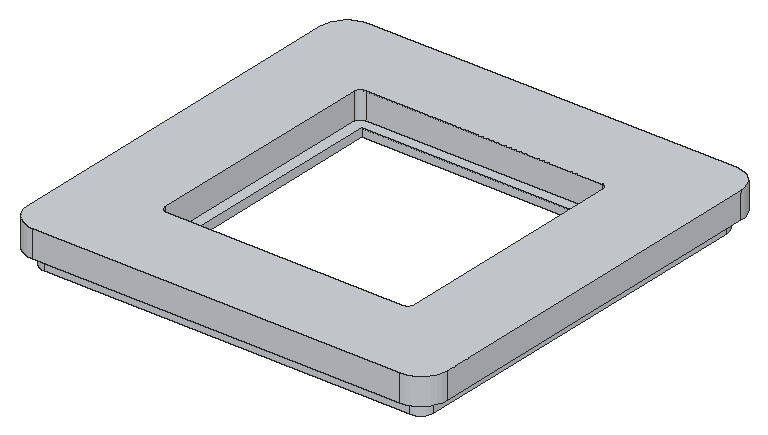
Revit family "Gira_0211518", category Electrical Fixtures, host Face, Revit 2017
Family settings
  Host = Face
  Maintain Annotation Orientation = No
  Round Connector Dimension = Use Diameter
  Part Type = Normal
  Cut with Voids When Loaded = No
  Shared = No
  Room Calculation Point = No
Parameters (values of type "Cov.fr. 1-g Gira Esprit gl.C mint")
  With mounting grid = "No"
  With hinged lid = "No"
  URL = "http://katalog.gira.de/en/datenblatt.html?artikelnr=0211518"
  Type of fastening = "Clamp mounting"
  Transparent = "No"
  Surface protection = "Other"
  Suitable for wall duct = "No"
  Suitable for flush-mounted installation = "Yes"
  Suitable for floor box = "No"
  Suitable for built-in installation = "No"
  Number of units vertical = "1"
  Number of units horizontal = "1"
  Number of units = "1"
  Name = "Cov.fr. 1-g Gira Esprit gl.C mint"
  Mounting direction = "Horizontal and vertical"
  Material quality = "Real glass"
  Material = "Glass"
  Manufacturer URL = "https://www.gira.de/"
  Manufacturer = "Gira"
  Label space/information surface = "No"
  Keynote = ""
  HeinzeBIM = "https://bimportal.heinze.de/bim/cov-fr-1-g-gira-esprit-gl-c-mint/8c5601e5f26f37c53af2392a1f6f92a99002f25b"
  Halogen free = "No"
  HAN = "0211518"
  GTIN = "4010337077794"
  Description = "Cov.fr.1g Espr. GCMi,Gira Esprit cover frame,mint glass C,1-gang,"
  Degree of protection (IP) = "IP20"
  Default Elevation = 1219.2 mm
  Data sheet (1) = "https://katalog.gira.de/en/download.html?artikelnr=0211518"
  Colour = "Other"
  Category = "Cover frame for domestic switching devices"
  BIM (1) = "https://media.stage.bim.site/public/gira/36a6b08/Espr.GC_Rahmen_1fach.rfa"
  Available = "No"
Reference planes
  plane 1 "Center (Front/Back)": y = 0
  plane 2: z = 0
  plane 3 "Center (Left/Right)": x = 0
Forms (mm)
  Extrusion 1, solid, detail levels fine
    sketch origin (0, 0, 0) x (1, 0, 0) y (0, 1, 0)
      loop
        line (-47.5, 41.5) -> (-47.5, -41.5)
        arc (-47.5, -41.5) -> (-45.743, -45.743) -> (-41.5, -47.5) r 6
        line (-41.5, -47.5) -> (41.5, -47.5)
        arc (41.5, -47.5) -> (45.743, -45.743) -> (47.5, -41.5) r 6
        line (47.5, -41.5) -> (47.5, 41.5)
        arc (47.5, 41.5) -> (45.743, 45.743) -> (41.5, 47.5) r 6
        line (41.5, 47.5) -> (-41.5, 47.5)
        arc (-41.5, 47.5) -> (-45.743, 45.743) -> (-47.5, 41.5) r 6
      loop
        line (26.7, 28.2) -> (-26.7, 28.2)
        arc (-26.7, 28.2) -> (-27.761, 27.761) -> (-28.2, 26.7) r 1.5
        line (-28.2, 26.7) -> (-28.2, -26.7)
        arc (-28.2, -26.7) -> (-27.761, -27.761) -> (-26.7, -28.2) r 1.5
        line (-26.7, -28.2) -> (26.7, -28.2)
        arc (26.7, -28.2) -> (27.761, -27.761) -> (28.2, -26.7) r 1.5
        line (28.2, -26.7) -> (28.2, 26.7)
        arc (28.2, 26.7) -> (27.761, 27.761) -> (26.7, 28.2) r 1.5
    from 0 to 6
  Extrusion 2, solid, detail levels fine
    sketch origin (0, 0, 0) x (1, 0, 0) y (0, 1, 0)
      loop
        line (-44.4, 41.4) -> (-44.4, -41.4)
        arc (-44.4, -41.4) -> (-43.521, -43.521) -> (-41.4, -44.4) r 3
        line (-41.4, -44.4) -> (41.4, -44.4)
        arc (41.4, -44.4) -> (43.521, -43.521) -> (44.4, -41.4) r 3
        line (44.4, -41.4) -> (44.4, 41.4)
        arc (44.4, 41.4) -> (43.521, 43.521) -> (41.4, 44.4) r 3
        line (41.4, 44.4) -> (-41.4, 44.4)
        arc (-41.4, 44.4) -> (-43.521, 43.521) -> (-44.4, 41.4) r 3
      loop
        arc (-41.3, 43.194) -> (-42.639, 42.639) -> (-43.194, 41.3) r 1.894
        line (-43.194, 41.3) -> (-43.194, -41.3)
        arc (-43.194, -41.3) -> (-42.639, -42.639) -> (-41.3, -43.194) r 1.894
        line (-41.3, -43.194) -> (41.3, -43.194)
        arc (41.3, -43.194) -> (42.639, -42.639) -> (43.194, -41.3) r 1.894
        line (43.194, -41.3) -> (43.194, 41.3)
        arc (43.194, 41.3) -> (42.639, 42.639) -> (41.3, 43.194) r 1.894
        line (41.3, 43.194) -> (-41.3, 43.194)
    from -3.7 to 0
  Extrusion 3, solid, detail levels fine
    sketch origin (0, 0, 0) x (1, 0, 0) y (0, 1, 0)
      loop
        line (-25.7, 25.7) -> (-25.7, -25.7) -> (25.7, -25.7) -> (25.7, 25.7) -> (-25.7, 25.7)
      loop
        line (-43.194, 41.3) -> (-43.194, -41.3)
        arc (-43.194, -41.3) -> (-42.639, -42.639) -> (-41.3, -43.194) r 1.894
        line (-41.3, -43.194) -> (41.3, -43.194)
        arc (41.3, -43.194) -> (42.639, -42.639) -> (43.194, -41.3) r 1.894
        line (43.194, -41.3) -> (43.194, 41.3)
        arc (43.194, 41.3) -> (42.639, 42.639) -> (41.3, 43.194) r 1.894
        line (41.3, 43.194) -> (-41.3, 43.194)
        arc (-41.3, 43.194) -> (-42.639, 42.639) -> (-43.194, 41.3) r 1.894
    from -1.9 to 0
  Extrusion 4, solid, detail levels medium
    sketch origin (0, 0, 0) x (1, 0, 0) y (0, 1, 0)
      loop
        line (-47.5, 47.5) -> (-47.5, -47.5) -> (47.5, -47.5) -> (47.5, 47.5) -> (-47.5, 47.5)
    from 0 to 6
  Extrusion 5, solid, detail levels medium
    sketch origin (0, 0, 0) x (1, 0, 0) y (0, 1, 0)
      loop
        line (-44.4, 44.4) -> (-44.4, -44.4) -> (44.4, -44.4) -> (44.4, 44.4) -> (-44.4, 44.4)
    from -3.7 to 0
  Extrusion 6, solid, detail levels coarse
    sketch origin (0, 0, 0) x (1, 0, 0) y (0, 1, 0)
      loop
        line (-47.5, 47.5) -> (-47.5, -47.5) -> (47.5, -47.5) -> (47.5, 47.5) -> (-47.5, 47.5)
    from -3.7 to 6
Dimensions and locks
  aligned and locked: plane 2 to host face
  aligned and locked: level to host face
